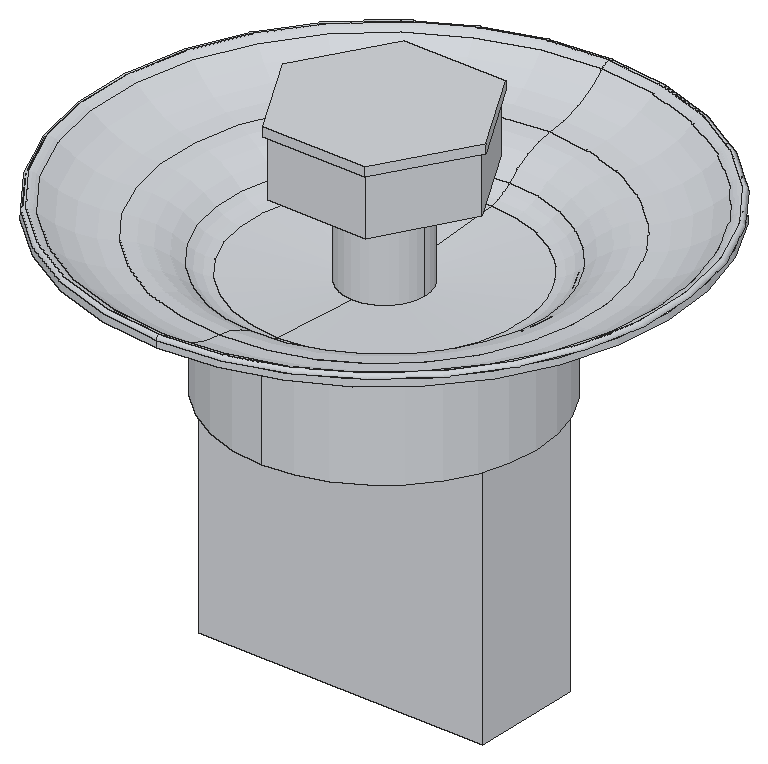
Revit family "Washfountain_Willoughby-WWF-4206-FLR-JR", category Plumbing Fixtures, Revit 2015
Parameters
  URL = "https://www.willoughby-ind.com/wp-content/uploads/2018/01/WWF-4204.pdf"
  Revision = "A"
  Model = "WWF-4206-FLR-JR"
  Manufacturer = "Willoughby Industries"
  Description = "6 Station Round 42\" Stainless Steel, Deep Bowl Washfountain, Floor Mounted, Junior Height"
  Contact Info = "(800) 428-4065"
Reference planes (in)
  plane 1 "Center (Front/Back)": y = 0
  plane 2: z = 0
  plane 3 "Center (Left/Right)": x = 0
Forms (in)
  Revolve 1, solid
    sketch origin (0, 0, 24) x (0, 1, 0) y (0, 0, 1)
      loop
        line (-25.75, 18) -> (-25.645, 18) -> (-25.645, 18.5)
        arc (-25.645, 18.5) -> (-25.58946, 18.6144) -> (-25.4652, 18.64105) r 0.145
        arc (-25.4652, 18.64105) -> (-25.14236, 18.51684) -> (-24.86, 18.317) r 1.395
        arc (-24.86, 18.317) -> (-22.61273, 16.86456) -> (-20.015, 16.223) r 8.105
        arc (-20.015, 16.223) -> (-18.03072, 15.71473) -> (-16.34015, 14.55814) r 5.895
        arc (-16.34015, 14.55814) -> (-15.55, 13.99657) -> (-14.62519, 13.70603) r 3.105
        arc (-14.62519, 13.70603) -> (-10.76816, 13.27715) -> (-6.89, 13.134) r 52.566
        line (-6.89, 13.134) -> (-4.75, 13.134) -> (-4.75, 13.23892) -> (-6.89891, 13.23892)
        arc (-6.89891, 13.23892) -> (-10.76924, 13.38189) -> (-14.61847, 13.80999) r 52.461
        arc (-14.61847, 13.80999) -> (-15.51174, 14.0906) -> (-16.275, 14.63292) r 3
        arc (-16.275, 14.63292) -> (-17.99549, 15.81032) -> (-20.015, 16.32792) r 6
        arc (-20.015, 16.32792) -> (-22.58032, 16.9611) -> (-24.79922, 18.3952) r 8
        arc (-24.79922, 18.3952) -> (-25.10242, 18.60963) -> (-25.449, 18.743) r 1.5
        arc (-25.449, 18.743) -> (-25.65705, 18.69278) -> (-25.75, 18.5) r 0.25
        line (-25.75, 18.5) -> (-25.75, 18)
      axis (-4.75, 13.134) -> (-4.75, 18.743)
    angle from 0 to 360
  Revolve 2, solid
    sketch origin (0, 0, 0) x (0, 1, 0) y (0, 0, 1)
      loop
        line (-4.75, 37.134) -> (-6.891, 37.134)
        arc (-6.891, 37.134) -> (-10.76906, 37.27719) -> (-14.626, 37.706) r 52.58515
        arc (-14.626, 37.706) -> (-14.75098, 37.7272) -> (-14.875, 37.75349) r 3.10529
        arc (-14.875, 37.75349) -> (-15.46346, 37.95478) -> (-16, 38.26931) r 3.10529
        line (-16, 38.26931) -> (-16, 30.01953) -> (-4.75, 30.01953) -> (-4.75, 37.134)
      axis (-4.75, 38.26931) -> (-4.75, 30.01953)
    angle from 0 to 360
  Extrusion 3, solid
    sketch origin (0, 0, 0) x (1, 0, 0) y (0, 1, 0)
      loop
        line (-3.60844, 1.5) -> (-7.21688, -4.75) -> (-3.60844, -11) -> (3.60844, -11) -> (7.21688, -4.75) -> (3.60844, 1.5) -> (-3.60844, 1.5)
    from 44.01953 to 48.26953
  Extrusion 4, solid
    sketch origin (0, 0, 0) x (1, 0, 0) y (0, 1, 0)
      loop
        line (-3.75278, 1.75) -> (-7.50555, -4.75) -> (-3.75278, -11.25) -> (3.75278, -11.25) -> (7.50555, -4.75) -> (3.75278, 1.75) -> (-3.75278, 1.75)
    from 48.26953 to 48.89453
  Extrusion 5, solid
    sketch origin (0, 0, 0) x (1, 0, 0) y (0, 1, 0)
      loop
        circle (0, -4.75) r 3
    from 37.04273 to 44.01953
  Extrusion 6, solid
    sketch origin (0, 0, 0) x (0, 1, 0) y (0, 0, 1)
      loop
        line (-8.75, 12.01953) -> (-0.75, 12.01953) -> (-0.75, 30.01953) -> (-8.75, 30.01953) -> (-8.75, 12.01953)
    from -10.5 to 10.5
  Extrusion 7, solid
    sketch origin (0, 0, 0) x (1, 0, 0) y (0, 1, 0)
      loop
        circle (-2, -2.75) r 0.25
      loop
        circle (-5, -4.75) r 1
      loop
        circle (-2, -6.75) r 0.25
    from 12.01953 to 13
Dimensions and locks (in)
  aligned and locked: level to plane 2
  aligned and locked: Revolve 2 sketch curve to Revolve 2 sketch curve  (x2)
Connectors (in)
  piping at (-2, -2.75, 12.01953), diameter 0.5
    settings: on Extrusion 7, index 1, connector inside diameter 24", connector length 0' - 0", flow factor 0, pipe flow 0 GPM, pressure drop 0.00 psi, fitting loss kfactor 0, connector angle 0.00°, fixture units 0, engagement length 0' - 0", angle of deflection 0.00°, flow configuration 0, flow direction 0, fitting loss method 0, system type 19, joint type 0, gender type 0, connector reference index -1, connector utility 0, adjustable connector no, is connector primary yes, connector description ""
  piping at (-2, -6.75, 12.01953), diameter 0.5
    settings: on Extrusion 7, index 2, connector inside diameter 24", connector length 0' - 0", flow factor 0, pipe flow 0 GPM, pressure drop 0.00 psi, fitting loss kfactor 0, connector angle 0.00°, fixture units 0, engagement length 0' - 0", angle of deflection 0.00°, flow configuration 0, flow direction 0, fitting loss method 0, system type 20, joint type 0, gender type 0, connector reference index -1, connector utility 0, adjustable connector no, is connector primary no, connector description ""
  piping at (-5, -4.75, 12.01953), diameter 2
    settings: on Extrusion 7, index 3, connector inside diameter 24", connector length 0' - 0", flow factor 0, pipe flow 0 GPM, pressure drop 0.00 psi, fitting loss kfactor 0, connector angle 0.00°, fixture units 0, engagement length 0' - 0", angle of deflection 0.00°, flow configuration 0, flow direction 0, fitting loss method 0, system type 8, joint type 0, gender type 0, connector reference index -1, connector utility 0, adjustable connector no, is connector primary no, connector description ""
